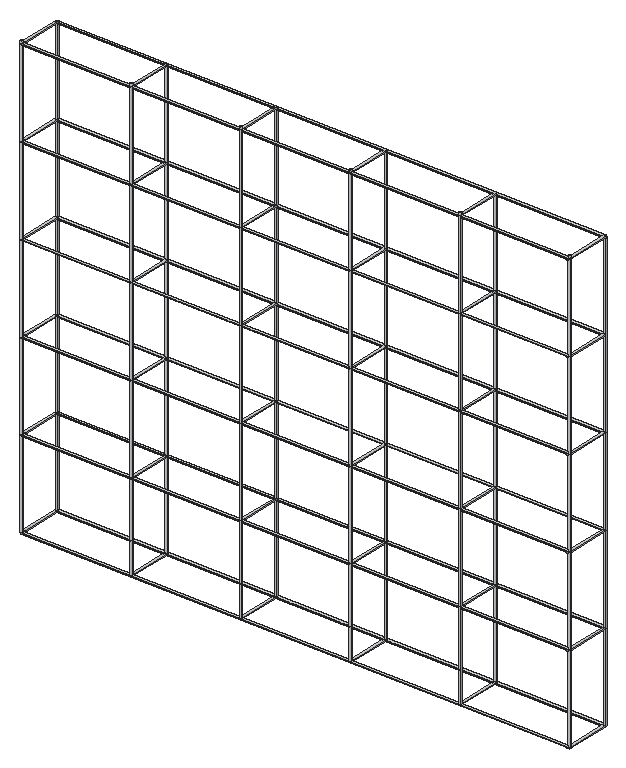
Revit family "Estante de Ferro Industrial - 5 x 5", category Mobiliário, Revit 2019
Family settings
  Número OmniClass = 23.40.20.00
  Título OmniClass = General Furniture and Specialties
  Com base no plano de trabalho = Não
  Sempre na vertical = Sim
  Corte com vazios quando carregada = Não
  Compartilhado = Não
  Ponto de cálculo do ambiente = Não
Parameters (values of type "Padrão")
  Profundidade [instance] = 20 cm
  Nicho = none
  Largura [instance] = 250 cm
  Estrutura = none
  Altura Nicho Horizontal [instance] = 18 cm
  Altura [instance] = 200 cm
Types (2, lengths in cm): name | Nicho | Largura | Estrutura
  Padrão | none | 250 | none
  200 x 200 x 20 | Madeira Nichos | 200 | Ferro Preto
Reference planes (cm)
  plane 1 "Centro (Frente/Trás)": y = 0
  plane 2: z = 0
  plane 3: x = 75
  plane 4: x = -174
  plane 5: y = 10
  plane 6: y = -10
  plane 7: z = 199
  plane 8: z = 39.8
  plane 9: z = 79.6
  plane 10: z = 119.4
  plane 11: z = 159.2
  plane 12: x = 25.2
  plane 13: x = -124.2
  plane 14: x = -24.6
  plane 15: x = -74.4
  plane 16: x = -174.5
  plane 17: x = 75.5
  plane 18: z = -0.5
  plane 19: z = 199.5
Forms (cm)
  Extrusion 1, solid, material <- "Estrutura"
    sketch origin (128.265, 32.5479, 0) x (1, 0, 0) y (0, 1, 0)
      loop
        circle (-53.265, -22.5479) r 0.5
      loop
        circle (-103.065, -22.5479) r 0.5
      loop
        circle (-152.865, -22.5479) r 0.5
      loop
        circle (-202.665, -22.5479) r 0.5
      loop
        circle (-252.465, -22.5479) r 0.5
      loop
        circle (-302.265, -22.5479) r 0.5
    from 0 to 199 <- "Altura"
  Extrusion 2, solid, material <- "Estrutura"
    sketch origin (0, 0, 0) x (0, 1, 0) y (0, 0, 1)
      loop
        circle (10, 199) r 0.5
      loop
        circle (10, 159.2) r 0.5
      loop
        circle (10, 39.8) r 0.5
      loop
        circle (10, 79.6) r 0.5
      loop
        circle (10, 119.4) r 0.5
      loop
        circle (10, 0) r 0.5
    from -174 to 75
  Extrusion 3, solid, material <- "Estrutura"
    sketch origin (0, -23.5, 0) x (0, 1, 0) y (0, 0, 1)
      loop
        circle (13.5, 199) r 0.5
      loop
        circle (13.5, 159.2) r 0.5
      loop
        circle (13.5, 39.8) r 0.5
      loop
        circle (13.5, 79.6) r 0.5
      loop
        circle (13.5, 119.4) r 0.5
      loop
        circle (13.5, 0) r 0.5
    from -174 to 75
  Extrusion 4, solid, material <- "Estrutura"
    sketch origin (128.265, 12.5479, 0) x (1, 0, 0) y (0, 1, 0)
      loop
        circle (-53.265, -22.5479) r 0.5
      loop
        circle (-103.065, -22.5479) r 0.5
      loop
        circle (-152.865, -22.5479) r 0.5
      loop
        circle (-202.665, -22.5479) r 0.5
      loop
        circle (-252.465, -22.5479) r 0.5
      loop
        circle (-302.265, -22.5479) r 0.5
    from 0 to 200 <- "Altura"
  Extrusion 5, solid, material <- "Estrutura"
    sketch origin (0, 0, 0) x (1, 0, 0) y (0, 0, 1)
      loop
        circle (-174, 199) r 0.5
      loop
        circle (-124.2, 199) r 0.5
      loop
        circle (-74.4, 199) r 0.5
      loop
        circle (-24.6, 199) r 0.5
      loop
        circle (25.2, 199) r 0.5
      loop
        circle (75, 199) r 0.5
      loop
        circle (-174, 159.2) r 0.5
      loop
        circle (-124.2, 159.2) r 0.5
      loop
        circle (-74.4, 159.2) r 0.5
      loop
        circle (-24.6, 159.2) r 0.5
      loop
        circle (25.2, 159.2) r 0.5
      loop
        circle (75, 159.2) r 0.5
      loop
        circle (-174, 119.4) r 0.5
      loop
        circle (-124.2, 119.4) r 0.5
      loop
        circle (-74.4, 119.4) r 0.5
      loop
        circle (-24.6, 119.4) r 0.5
      loop
        circle (25.2, 119.4) r 0.5
      loop
        circle (75, 119.4) r 0.5
      loop
        circle (-174, 79.6) r 0.5
      loop
        circle (-124.2, 79.6) r 0.5
      loop
        circle (-74.4, 79.6) r 0.5
      loop
        circle (-24.6, 79.6) r 0.5
      loop
        circle (25.2, 79.6) r 0.5
      loop
        circle (75, 79.6) r 0.5
      loop
        circle (-174, 39.8) r 0.5
      loop
        circle (-124.2, 39.8) r 0.5
      loop
        circle (-74.4, 39.8) r 0.5
      loop
        circle (-24.6, 39.8) r 0.5
      loop
        circle (25.2, 39.8) r 0.5
      loop
        circle (75, 39.8) r 0.5
      loop
        circle (-174, 0) r 0.5
      loop
        circle (-124.2, 0) r 0.5
      loop
        circle (-74.4, 0) r 0.5
      loop
        circle (-24.6, 0) r 0.5
      loop
        circle (25.2, 0) r 0.5
      loop
        circle (75, 0) r 0.5
    from -10 to 10
Dimensions and locks (cm)
  equal spacing: plane 5, plane 1 "Centro (Frente/Trás)", plane 6
  "Profundidade": plane 5 to plane 6
  equal spacing: plane 4, plane 13, plane 15, plane 14, plane 12, plane 3
  "Largura": plane 16 to plane 17
  equal spacing: plane 7, plane 11, plane 10, plane 9, plane 8, level
  "Altura": plane 19 to plane 18
  plane 5 to plane 6 = 20 cm
  locked: plane 16 to plane 4 at 0.5
  locked: plane 3 to plane 17 at 0.5
  locked: plane 19 to plane 7 at 0.5
  locked: level to plane 18 at 0.5
  aligned and locked: level to plane 2
  aligned and locked: plane 7 to Extrusion 1
  aligned and locked: plane 7 to Extrusion 2 sketch curve
  aligned and locked: plane 11 to Extrusion 2 sketch curve
  aligned and locked: plane 10 to Extrusion 2 sketch curve
  aligned and locked: plane 9 to Extrusion 2 sketch curve
  aligned and locked: plane 8 to Extrusion 2 sketch curve
  aligned and locked: level to Extrusion 2 sketch curve
  aligned and locked: Extrusion 2 to plane 3
  aligned and locked: plane 4 to Extrusion 2
  aligned and locked: plane 4 to Extrusion 1 sketch curve
  aligned and locked: plane 13 to Extrusion 1 sketch curve
  aligned and locked: plane 15 to Extrusion 1 sketch curve
  aligned and locked: plane 14 to Extrusion 1 sketch curve
  aligned and locked: plane 12 to Extrusion 1 sketch curve
  aligned and locked: plane 3 to Extrusion 1 sketch curve
  aligned and locked: plane 6 to Extrusion 3 sketch curve  (x6)
  aligned and locked: level to Extrusion 3 sketch curve
  aligned and locked: plane 8 to Extrusion 3 sketch curve
  aligned and locked: plane 9 to Extrusion 3 sketch curve
  aligned and locked: plane 10 to Extrusion 3 sketch curve
  aligned and locked: plane 11 to Extrusion 3 sketch curve
  aligned and locked: plane 7 to Extrusion 3 sketch curve
  aligned and locked: plane 4 to Extrusion 3
  aligned and locked: plane 6 to Extrusion 4
  aligned and locked: plane 4 to Extrusion 4 sketch curve
  aligned and locked: plane 13 to Extrusion 4 sketch curve
  aligned and locked: plane 15 to Extrusion 4 sketch curve
  aligned and locked: plane 14 to Extrusion 4 sketch curve
  aligned and locked: plane 12 to Extrusion 4 sketch curve
  aligned and locked: plane 3 to Extrusion 4 sketch curve
  aligned and locked: plane 6 to Extrusion 4 sketch curve  (x6)
  aligned and locked: plane 4 to Extrusion 5 sketch curve  (x6)
  aligned and locked: plane 7 to Extrusion 5 sketch curve  (x6)
  aligned and locked: plane 3 to Extrusion 5 sketch curve  (x6)
  aligned and locked: Extrusion 5 sketch curve to plane 12
  aligned and locked: plane 14 to Extrusion 5 sketch curve  (x6)
  aligned and locked: plane 15 to Extrusion 5 sketch curve  (x6)
  aligned and locked: Extrusion 5 sketch curve to plane 13
  aligned and locked: plane 13 to Extrusion 5 sketch curve  (x5)
  aligned and locked: plane 12 to Extrusion 5 sketch curve  (x5)
  aligned and locked: level to Extrusion 5 sketch curve  (x6)
  aligned and locked: plane 8 to Extrusion 5 sketch curve  (x5)
  aligned and locked: plane 9 to Extrusion 5 sketch curve  (x5)
  aligned and locked: plane 10 to Extrusion 5 sketch curve  (x6)
  aligned and locked: plane 11 to Extrusion 5 sketch curve  (x6)
  aligned and locked: plane 5 to Extrusion 5
  aligned and locked: Extrusion 5 to plane 6
Automatic sketch dimensions
  Extrusion 1 sketch curve to plane 5 = 0 cm  (x6)
  Extrusion 2 sketch curve to plane 5 = 0 cm  (x6)
  Extrusion 5 sketch curve to plane 8 = 0 cm
  Extrusion 5 sketch curve to plane 9 = 0 cm
  Extrusion 5 sketch curve to plane 11 = 0 cm
  radius of Extrusion 1 sketch curve = 0.5 cm  (x6)
  radius of Extrusion 2 sketch curve = 0.5 cm  (x6)
  radius of Extrusion 3 sketch curve = 0.5 cm  (x6)
  radius of Extrusion 4 sketch curve = 0.5 cm  (x6)
  radius of Extrusion 5 sketch curve = 0.5 cm  (x36)
